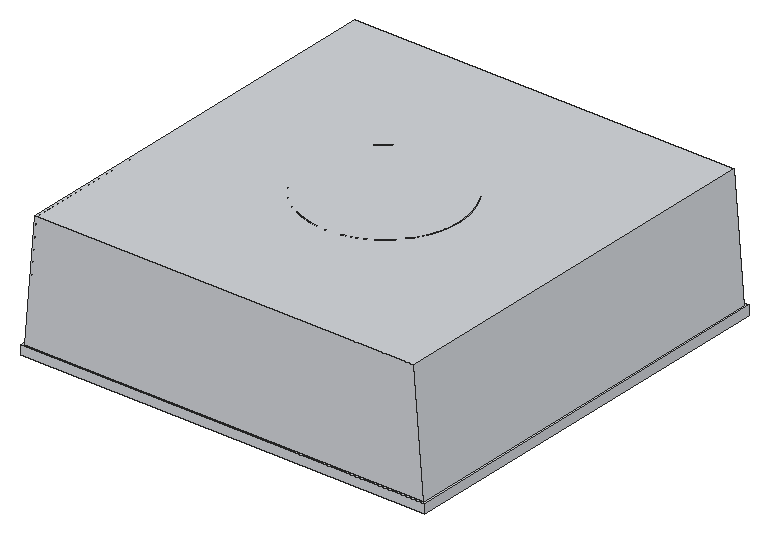
Revit family "MADEL_DIFFUSER_FIXED CONES_DCN-MOD+(BOXSTAR - BOXTARS) – (1.D1)_0", category Air Terminals, Revit 2015 (continued)
Types (36, lengths in mm): name | n_factor | c_factor | b_factor | Q | Product Type | Product Size | Product Reference | Plenum Connection Type | Plenum Box | Vmed | Vmax | V[m/s] | Model | Lw (dB(A)) | Min Flow | Max Flow | E | Difusser | DPt | D2 | BOXSTAR/S | BOXSTAR | B | Afree
  DCN-MOD/625-400+BOXSTAR/S | 21.183 | 10.261 | -5.9678 | 844.2 m³/h | "DCN-MOD/625-400+BOXSTAR/S" | "dim.400" | "DCN-MOD/625+BOXSTAR/S-AIS-R" | "Upper" | Plenum_BOXSTAR-BOXSTARS (1.D1) e : 625 | 3.35 m/s | 4.2 m/s | 3.35 | "DCN-MOD/625-400+BOXSTAR/S" | 35.8704 | 630 m³/h | 1058.4 m³/h | 620.0 | MADEL_DIFUSOR_CIRCULAR_DCN-CONOS : DCN-400 | 4.11692 Pa | 499.6 | yes | no | 12.0 | 0.0700 m²
  DCN-MOD/675-160+BOXSTAR/S | 23.863 | 0.4892 | -4.1956 | 221.76 m³/h | "DCN-MOD/675-160+BOXSTAR/S" | "dim.160" | "DCN-MOD/675+BOXSTAR/S-AIS-R" | "Upper" | Plenum_BOXSTAR-BOXSTARS (1.D1) e : 675 | 3.85 m/s | 5.2 m/s | 3.85 | "DCN-MOD/675-160+BOXSTAR/S" | 32.6583 | 144 m³/h | 299.52 m³/h | 670.0 | MADEL_DIFUSOR_CIRCULAR_DCN-CONOS : DCN-160 | 12.0469 Pa | 261.0 | yes | no | 15.0 | 0.0160 m²
  DCN-MOD/675-200+BOXSTAR/S | 21.253 | 2.729 | -4.6467 | 302.4 m³/h | "DCN-MOD/675-200+BOXSTAR/S" | "dim.200" | "DCN-MOD/675+BOXSTAR/S-AIS-R" | "Upper" | Plenum_BOXSTAR-BOXSTARS (1.D1) e : 675 | 4.2 m/s | 5.9 m/s | 4.2 | "DCN-MOD/675-200+BOXSTAR/S" | 33.2288 | 180 m³/h | 424.8 m³/h | 670.0 | MADEL_DIFUSOR_CIRCULAR_DCN-CONOS : DCN-200 | 8.56541 Pa | 304.0 | yes | no | 15.0 | 0.0200 m²
  DCN-MOD/675-250+BOXSTAR/S | 23.814 | 1.9153 | -4.9915 | 445.5 m³/h | "DCN-MOD/675-250+BOXSTAR/S" | "dim.250" | "DCN-MOD/675+BOXSTAR/S-AIS-R" | "Upper" | Plenum_BOXSTAR-BOXSTARS (1.D1) e : 675 | 3.75 m/s | 5.0 m/s | 3.75 | "DCN-MOD/675-250+BOXSTAR/S" | 33.3916 | 297 m³/h | 594 m³/h | 670.0 | MADEL_DIFUSOR_CIRCULAR_DCN-CONOS : DCN-250 | 9.25643 Pa | 353.0 | yes | no | 15.0 | 0.0330 m²
  DCN-MOD/675-315+BOXSTAR/S | 22.557 | 4.2741 | -5.3438 | 621 m³/h | "DCN-MOD/675-315+BOXSTAR/S" | "dim.315" | "DCN-MOD/675+BOXSTAR/S-AIS-R" | "Upper" | Plenum_BOXSTAR-BOXSTARS (1.D1) e : 675 | 3.75 m/s | 5.0 m/s | 3.75 | "DCN-MOD/675-315+BOXSTAR/S" | 34.0889 | 414 m³/h | 828 m³/h | 670.0 | MADEL_DIFUSOR_CIRCULAR_DCN-CONOS : DCN-315 | 8.6808 Pa | 414.6 | yes | no | 15.0 | 0.0460 m²
  DCN-MOD/675-355+BOXSTAR/S | 19.887 | 9.3703 | -5.6448 | 722.7 m³/h | "DCN-MOD/675-355+BOXSTAR/S" | "dim.355" | "DCN-MOD/675+BOXSTAR/S-AIS-R" | "Upper" | Plenum_BOXSTAR-BOXSTARS (1.D1) e : 675 | 3.65 m/s | 4.8 m/s | 3.65 | "DCN-MOD/675-355+BOXSTAR/S" | 35.1185 | 495 m³/h | 950.4 m³/h | 670.0 | MADEL_DIFUSOR_CIRCULAR_DCN-CONOS : DCN-355 | 6.10535 Pa | 454.6 | yes | no | 15.0 | 0.0550 m²
  DCN-MOD/675-400+BOXSTAR/S | 21.183 | 10.261 | -5.9678 | 844.2 m³/h | "DCN-MOD/675-400+BOXSTAR/S" | "dim.400" | "DCN-MOD/675+BOXSTAR/S-AIS-R" | "Upper" | Plenum_BOXSTAR-BOXSTARS (1.D1) e : 675 | 3.35 m/s | 4.2 m/s | 3.35 | "DCN-MOD/675-400+BOXSTAR/S" | 35.8704 | 630 m³/h | 1058.4 m³/h | 670.0 | MADEL_DIFUSOR_CIRCULAR_DCN-CONOS : DCN-400 | 4.11692 Pa | 499.6 | yes | no | 15.0 | 0.0700 m²
